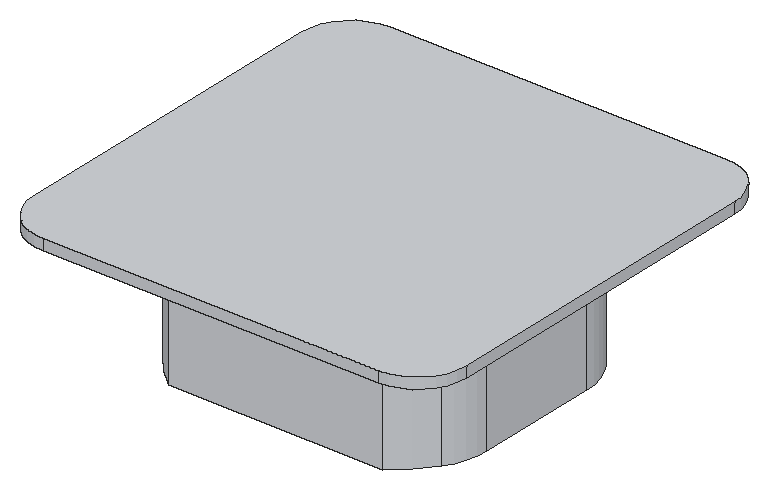
Revit family "Gira_235900", category Electrical Fixtures, host Face, Revit 2017
Family settings
  Host = Face
  Maintain Annotation Orientation = Yes
  Round Connector Dimension = Use Diameter
  Part Type = Normal
  Cut with Voids When Loaded = No
  Shared = No
  Room Calculation Point = No
Parameters (values of type "USB-Spannungsversorgung 2f Typ A/A Einsatz")
  URL = "http://katalog.gira.de/de_DE/datenblatt.html?artikelnr=235900"
  Region = "DE"
  Name = "USB-Spannungsversorgung 2f Typ A/A Einsatz"
  Montageart = "unter Putz"
  Max. Ausgangsstrom = "1,4 Ampere"
  Manufacturer URL = "https://www.gira.de/"
  Keynote = "Einsatz_1fach"
  HeinzeBIM = "https://bimportal.heinze.de/bim/usb-spannungsversorgung-2f-typ-a-a-einsatz/a0ac770bf81e7ad26fedf5561004a0442bf006f1"
  HAN = "235900"
  GTIN = "4010337084655"
  Frequenz = "50 - 60"
  Farbe = "sonstige"
  Default Elevation = 1219.2 mm
  Data sheet (1) = "https://katalog.gira.de/de_DE/download.html?artikelnr=235900"
  Category = "USB-Spannungsversorgung"
  Betriebsspannung = "110 - 240"
  Available = "Yes"
  Ausgangsspannung = "5 Volt"
  Ausführung = "Buchse"
  Anzahl der Ausgänge = "2 "
Reference planes
  plane 1 "Center (Front/Back)": y = 0
  plane 2: z = 0
  plane 3 "Center (Left/Right)": x = 0
Forms (mm)
  Extrusion 1, solid, detail levels fine
    sketch origin (0, 0, 0) x (1, 0, 0) y (0, 1, 0)
      loop
        line (27.475, 35.475) -> (-27.475, 35.475)
        arc (-27.475, 35.475) -> (-33.132, 33.132) -> (-35.475, 27.475) r 8
        line (-35.475, 27.475) -> (-35.475, -27.475)
        arc (-35.475, -27.475) -> (-33.132, -33.132) -> (-27.475, -35.475) r 8
        line (-27.475, -35.475) -> (27.475, -35.475)
        arc (27.475, -35.475) -> (33.132, -33.132) -> (35.475, -27.475) r 8
        line (35.475, -27.475) -> (35.475, 27.475)
        arc (35.475, 27.475) -> (33.132, 33.132) -> (27.475, 35.475) r 8
    from 0 to 1.8
  Extrusion 2, solid, detail levels fine
    sketch origin (0, 0, 0) x (1, 0, 0) y (0, 1, 0)
      loop
        line (9.678, 25.4) -> (-9.678, 25.4)
        arc (-9.678, 25.4) -> (-12.885, 24.922) -> (-15.814, 23.53) r 11
        arc (-15.814, 23.53) -> (-17.795, 22.07) -> (-19.641, 20.444) r 28.35
        arc (-19.641, 20.444) -> (-21.339, 18.665) -> (-22.876, 16.745) r 28.35
        arc (-22.876, 16.745) -> (-24.456, 13.666) -> (-25, 10.248) r 11
        line (-25, 10.248) -> (-25, -10.248)
        arc (-25, -10.248) -> (-24.456, -13.666) -> (-22.876, -16.745) r 11
        arc (-22.876, -16.745) -> (-20.409, -19.677) -> (-17.569, -22.25) r 28.35
        line (-17.569, -22.25) -> (17.569, -22.25)
        arc (17.569, -22.25) -> (20.409, -19.677) -> (22.876, -16.745) r 28.35
        arc (22.876, -16.745) -> (24.456, -13.666) -> (25, -10.248) r 11
        line (25, -10.248) -> (25, 10.248)
        arc (25, 10.248) -> (24.456, 13.666) -> (22.876, 16.745) r 11
        arc (22.876, 16.745) -> (21.593, 18.37) -> (20.195, 19.897) r 28.35
        arc (20.195, 19.897) -> (18.096, 21.823) -> (15.814, 23.53) r 28.35
        arc (15.814, 23.53) -> (12.885, 24.922) -> (9.678, 25.4) r 11
    from 0 to -22
  Extrusion 3, solid, detail levels medium
    sketch origin (0, 0, 0) x (1, 0, 0) y (0, 1, 0)
      loop
        line (-25, 25.4) -> (-25, -22.25) -> (25, -22.25) -> (25, 25.4) -> (-25, 25.4)
    from 0 to -22
  Extrusion 4, solid, detail levels coarse
    sketch origin (0, 0, 0) x (1, 0, 0) y (0, 1, 0)
      loop
        line (35.475, 35.475) -> (-35.475, 35.475) -> (-35.475, -35.475) -> (35.475, -35.475) -> (35.475, 35.475)
    from -22 to 1.8
  Extrusion 5, solid, detail levels medium
    sketch origin (0, 0, 0) x (1, 0, 0) y (0, 1, 0)
      loop
        line (35.475, 35.475) -> (-35.475, 35.475) -> (-35.475, -35.475) -> (35.475, -35.475) -> (35.475, 35.475)
    from 0 to 1.8
Dimensions and locks
  aligned and locked: plane 2 to host face
  aligned and locked: level to host face
  aligned and locked: plane 3 "Center (Left/Right)" to nested 1
  aligned and locked: plane 1 "Center (Front/Back)" to nested 1
Nested families
  nested 1: "RJ45-Datendose Beschriftung" at (0, 0, 0), type "RJ45-Datendose Beschriftung"
Connectors
  electrical at (0, 0, -22)
    settings: on Extrusion 4, index 1, voltage 220 V, apparent load 0 VA, apparent load phase1 0 VA, apparent load phase2 0 VA, apparent load phase3 0 VA, power factor 1, load classification "Other", number of poles 1, system type 30, power factor state 1, is connector primary yes, connector utility no, sub classification motor no, connector description ""
Definition of nested family "RJ45-Datendose Beschriftung"
  Reference planes
    plane 1: y = 0
    plane 2: x = 0
  Lines and regions (mm)
    Filled region 1, type "Gefüllter Bereich 1"
      outline origin (0, 0, 0) x (1, 0, 0) y (0, 1, 0)
        loop
          circle (0, 2.4) r 0.4
    detail lines
      curve 1: line (0, 0, 0) -> (0, 2, 0)
      curve 2: line (0, 2, 0) -> (1.2, 2, 0)
      curve 3: line (1.2, 2, 0) -> (1.2, 3.6, 0)
      curve 4: circle (0, 2.4, 0) r 0.4 normal (0, 0, 1)
      curve 5: line (0, 2, 0) -> (-1.2, 2, 0)
      curve 6: line (-1.2, 2, 0) -> (-1.2, 3.6, 0)
